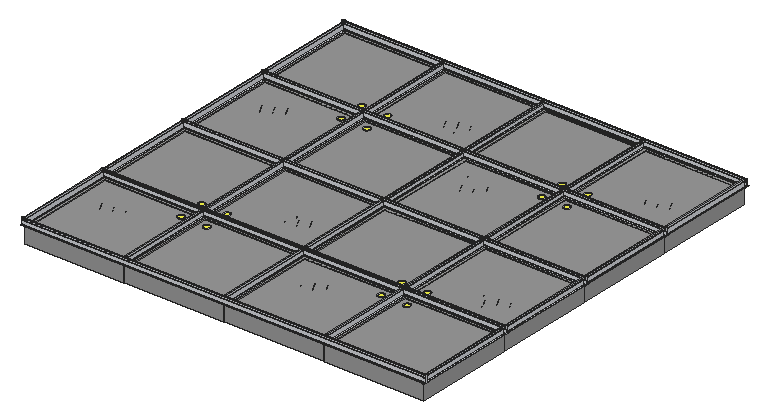
Revit family "GRD-FPG-019_FOLDED PLUG GRID_RFA", category Modelos genéricos, Revit 2022 (continued)
Definition of nested family "GRD-TLE-021_TILE 001_RFA"
  Forms (in)
    Extrusion 276, solid, not visible
      sketch origin (96.02767, 154.90856, 0) x (1, 0, 0) y (0, 0, 1)
        loop
          arc (0.49998, 0.6318) -> (0.47046, 0.64403) -> (0.45824, 0.67354) r 0.04174
          line (0.45824, 0.67354) -> (0.45834, 1.66259)
          arc (0.45834, 1.66259) -> (0.46543, 1.67969) -> (0.48252, 1.68677) r 0.02418
          line (0.48252, 1.68677) -> (0.52252, 1.68677)
          arc (0.52252, 1.68677) -> (0.55303, 1.69941) -> (0.56566, 1.72991) r 0.04314
          line (0.56566, 1.72991) -> (0.56566, 2.14095)
          arc (0.56566, 2.14095) -> (0.5626, 2.15637) -> (0.55386, 2.16944) r 0.04029
          line (0.55386, 2.16944) -> (0.47053, 2.25277)
          arc (0.47053, 2.25277) -> (0.44027, 2.2653) -> (0.41002, 2.25277) r 0.04279
          line (0.41002, 2.25277) -> (0.32669, 2.16944)
          arc (0.32669, 2.16944) -> (0.31795, 2.15637) -> (0.31489, 2.14095) r 0.04029
          line (0.31489, 2.14095) -> (0.31489, 1.72991)
          arc (0.31489, 1.72991) -> (0.32752, 1.69941) -> (0.35803, 1.68677) r 0.04314
          line (0.35803, 1.68677) -> (0.39803, 1.68677)
          arc (0.39803, 1.68677) -> (0.41512, 1.67969) -> (0.42221, 1.66259) r 0.02418
        loop
          arc (0.33294, 1.7291) -> (0.34005, 1.71194) -> (0.35722, 1.70483) r 0.02428
          line (0.35722, 1.70483) -> (0.39815, 1.70483)
          arc (0.39815, 1.70483) -> (0.42797, 1.69248) -> (0.44023, 1.66266) r 0.04217
          arc (0.44023, 1.66266) -> (0.45258, 1.69248) -> (0.4824, 1.70483) r 0.04217
          line (0.4824, 1.70483) -> (0.52333, 1.70483)
          arc (0.52333, 1.70483) -> (0.54049, 1.71194) -> (0.54761, 1.7291) r 0.02428
          line (0.54761, 1.7291) -> (0.54761, 2.15016) -> (0.45704, 2.24072)
          arc (0.45704, 2.24072) -> (0.44027, 2.24767) -> (0.42351, 2.24072) r 0.02371
          line (0.42351, 2.24072) -> (0.33294, 2.15016) -> (0.33294, 1.7291)
      from 58.93614 to 81.99864
    Extrusion 277, solid, not visible
      sketch origin (24.02767, 154.90856, 0) x (1, 0, 0) y (0, 0, 1)
        loop
          line (0.42221, 1.66259) -> (0.42231, 0.67354)
          arc (0.42231, 0.67354) -> (0.41009, 0.64403) -> (0.38057, 0.6318) r 0.04174
          line (0.38057, 0.6318) -> (-0.00639, 0.6318) -> (-0.00639, 0.59057) -> (0.8874, 0.59057) -> (0.8874, 0.6318) -> (0.49998, 0.6318)
          arc (0.49998, 0.6318) -> (0.47046, 0.64403) -> (0.45824, 0.67354) r 0.04174
          line (0.45824, 0.67354) -> (0.45834, 1.66259)
          arc (0.45834, 1.66259) -> (0.46543, 1.67969) -> (0.48252, 1.68677) r 0.02418
          line (0.48252, 1.68677) -> (0.52252, 1.68677)
          arc (0.52252, 1.68677) -> (0.55303, 1.69941) -> (0.56566, 1.72991) r 0.04314
          line (0.56566, 1.72991) -> (0.56566, 2.14095)
          arc (0.56566, 2.14095) -> (0.5626, 2.15637) -> (0.55386, 2.16944) r 0.04029
          line (0.55386, 2.16944) -> (0.47053, 2.25277)
          arc (0.47053, 2.25277) -> (0.44027, 2.2653) -> (0.41002, 2.25277) r 0.04279
          line (0.41002, 2.25277) -> (0.32669, 2.16944)
          arc (0.32669, 2.16944) -> (0.31795, 2.15637) -> (0.31489, 2.14095) r 0.04029
          line (0.31489, 2.14095) -> (0.31489, 1.72991)
          arc (0.31489, 1.72991) -> (0.32752, 1.69941) -> (0.35803, 1.68677) r 0.04314
          line (0.35803, 1.68677) -> (0.39803, 1.68677)
          arc (0.39803, 1.68677) -> (0.41512, 1.67969) -> (0.42221, 1.66259) r 0.02418
        loop
          arc (0.33294, 1.7291) -> (0.34005, 1.71194) -> (0.35722, 1.70483) r 0.02428
          line (0.35722, 1.70483) -> (0.39815, 1.70483)
          arc (0.39815, 1.70483) -> (0.42797, 1.69248) -> (0.44023, 1.66266) r 0.04217
          arc (0.44023, 1.66266) -> (0.45258, 1.69248) -> (0.4824, 1.70483) r 0.04217
          line (0.4824, 1.70483) -> (0.52333, 1.70483)
          arc (0.52333, 1.70483) -> (0.54049, 1.71194) -> (0.54761, 1.7291) r 0.02428
          line (0.54761, 1.7291) -> (0.54761, 2.15016) -> (0.45704, 2.24072)
          arc (0.45704, 2.24072) -> (0.44027, 2.24767) -> (0.42351, 2.24072) r 0.02371
          line (0.42351, 2.24072) -> (0.33294, 2.15016) -> (0.33294, 1.7291)
      from 58.93614 to 81.99864
    Extrusion 278, solid, not visible
      sketch origin (0.02767, 154.90856, 0) x (1, 0, 0) y (0, 0, 1)
        loop
          line (0.42221, 1.66259) -> (0.42231, 0.67354)
          arc (0.42231, 0.67354) -> (0.41009, 0.64403) -> (0.38057, 0.6318) r 0.04174
          line (0.38057, 0.6318) -> (-0.00639, 0.6318) -> (-0.00639, 0.59057) -> (0.8874, 0.59057) -> (0.8874, 0.6318) -> (0.49998, 0.6318)
          arc (0.49998, 0.6318) -> (0.47046, 0.64403) -> (0.45824, 0.67354) r 0.04174
          line (0.45824, 0.67354) -> (0.45834, 1.66259)
          arc (0.45834, 1.66259) -> (0.46543, 1.67969) -> (0.48252, 1.68677) r 0.02418
          line (0.48252, 1.68677) -> (0.52252, 1.68677)
          arc (0.52252, 1.68677) -> (0.55303, 1.69941) -> (0.56566, 1.72991) r 0.04314
          line (0.56566, 1.72991) -> (0.56566, 2.14095)
          arc (0.56566, 2.14095) -> (0.5626, 2.15637) -> (0.55386, 2.16944) r 0.04029
          line (0.55386, 2.16944) -> (0.47053, 2.25277)
          arc (0.47053, 2.25277) -> (0.44027, 2.2653) -> (0.41002, 2.25277) r 0.04279
          line (0.41002, 2.25277) -> (0.32669, 2.16944)
          arc (0.32669, 2.16944) -> (0.31795, 2.15637) -> (0.31489, 2.14095) r 0.04029
          line (0.31489, 2.14095) -> (0.31489, 1.72991)
          arc (0.31489, 1.72991) -> (0.32752, 1.69941) -> (0.35803, 1.68677) r 0.04314
          line (0.35803, 1.68677) -> (0.39803, 1.68677)
          arc (0.39803, 1.68677) -> (0.41512, 1.67969) -> (0.42221, 1.66259) r 0.02418
        loop
          arc (0.33294, 1.7291) -> (0.34005, 1.71194) -> (0.35722, 1.70483) r 0.02428
          line (0.35722, 1.70483) -> (0.39815, 1.70483)
          arc (0.39815, 1.70483) -> (0.42797, 1.69248) -> (0.44023, 1.66266) r 0.04217
          arc (0.44023, 1.66266) -> (0.45258, 1.69248) -> (0.4824, 1.70483) r 0.04217
          line (0.4824, 1.70483) -> (0.52333, 1.70483)
          arc (0.52333, 1.70483) -> (0.54049, 1.71194) -> (0.54761, 1.7291) r 0.02428
          line (0.54761, 1.7291) -> (0.54761, 2.15016) -> (0.45704, 2.24072)
          arc (0.45704, 2.24072) -> (0.44027, 2.24767) -> (0.42351, 2.24072) r 0.02371
          line (0.42351, 2.24072) -> (0.33294, 2.15016) -> (0.33294, 1.7291)
      from 58.93614 to 81.99864
    Extrusion 279, solid, not visible
      sketch origin (48.02754, 130.90855, 0) x (1, 0, 0) y (0, 0, 1)
        loop
          line (0.42221, 1.66259) -> (0.42231, 0.67354)
          arc (0.42231, 0.67354) -> (0.41009, 0.64403) -> (0.38057, 0.6318) r 0.04174
          line (0.38057, 0.6318) -> (-0.00639, 0.6318) -> (-0.00639, 0.59057) -> (0.8874, 0.59057) -> (0.8874, 0.6318) -> (0.49998, 0.6318)
          arc (0.49998, 0.6318) -> (0.47046, 0.64403) -> (0.45824, 0.67354) r 0.04174
          line (0.45824, 0.67354) -> (0.45834, 1.66259)
          arc (0.45834, 1.66259) -> (0.46543, 1.67969) -> (0.48252, 1.68677) r 0.02418
          line (0.48252, 1.68677) -> (0.52252, 1.68677)
          arc (0.52252, 1.68677) -> (0.55303, 1.69941) -> (0.56566, 1.72991) r 0.04314
          line (0.56566, 1.72991) -> (0.56566, 2.14095)
          arc (0.56566, 2.14095) -> (0.5626, 2.15637) -> (0.55386, 2.16944) r 0.04029
          line (0.55386, 2.16944) -> (0.47053, 2.25277)
          arc (0.47053, 2.25277) -> (0.44027, 2.2653) -> (0.41002, 2.25277) r 0.04279
          line (0.41002, 2.25277) -> (0.32669, 2.16944)
          arc (0.32669, 2.16944) -> (0.31795, 2.15637) -> (0.31489, 2.14095) r 0.04029
          line (0.31489, 2.14095) -> (0.31489, 1.72991)
          arc (0.31489, 1.72991) -> (0.32752, 1.69941) -> (0.35803, 1.68677) r 0.04314
          line (0.35803, 1.68677) -> (0.39803, 1.68677)
          arc (0.39803, 1.68677) -> (0.41512, 1.67969) -> (0.42221, 1.66259) r 0.02418
        loop
          arc (0.33294, 1.7291) -> (0.34005, 1.71194) -> (0.35722, 1.70483) r 0.02428
          line (0.35722, 1.70483) -> (0.39815, 1.70483)
          arc (0.39815, 1.70483) -> (0.42797, 1.69248) -> (0.44023, 1.66266) r 0.04217
          arc (0.44023, 1.66266) -> (0.45258, 1.69248) -> (0.4824, 1.70483) r 0.04217
          line (0.4824, 1.70483) -> (0.52333, 1.70483)
          arc (0.52333, 1.70483) -> (0.54049, 1.71194) -> (0.54761, 1.7291) r 0.02428
          line (0.54761, 1.7291) -> (0.54761, 2.15016) -> (0.45704, 2.24072)
          arc (0.45704, 2.24072) -> (0.44027, 2.24767) -> (0.42351, 2.24072) r 0.02371
          line (0.42351, 2.24072) -> (0.33294, 2.15016) -> (0.33294, 1.7291)
      from 58.93614 to 81.99864
    Extrusion 280, solid, not visible
      sketch origin (72.02767, 130.90855, 0) x (1, 0, 0) y (0, 0, 1)
        loop
          line (0.42221, 1.66259) -> (0.42231, 0.67354)
          arc (0.42231, 0.67354) -> (0.41009, 0.64403) -> (0.38057, 0.6318) r 0.04174
          line (0.38057, 0.6318) -> (-0.00639, 0.6318) -> (-0.00639, 0.59057) -> (0.8874, 0.59057) -> (0.8874, 0.6318) -> (0.49998, 0.6318)
          arc (0.49998, 0.6318) -> (0.47046, 0.64403) -> (0.45824, 0.67354) r 0.04174
          line (0.45824, 0.67354) -> (0.45834, 1.66259)
          arc (0.45834, 1.66259) -> (0.46543, 1.67969) -> (0.48252, 1.68677) r 0.02418
          line (0.48252, 1.68677) -> (0.52252, 1.68677)
          arc (0.52252, 1.68677) -> (0.55303, 1.69941) -> (0.56566, 1.72991) r 0.04314
          line (0.56566, 1.72991) -> (0.56566, 2.14095)
          arc (0.56566, 2.14095) -> (0.5626, 2.15637) -> (0.55386, 2.16944) r 0.04029
          line (0.55386, 2.16944) -> (0.47053, 2.25277)
          arc (0.47053, 2.25277) -> (0.44027, 2.2653) -> (0.41002, 2.25277) r 0.04279
          line (0.41002, 2.25277) -> (0.32669, 2.16944)
          arc (0.32669, 2.16944) -> (0.31795, 2.15637) -> (0.31489, 2.14095) r 0.04029
          line (0.31489, 2.14095) -> (0.31489, 1.72991)
          arc (0.31489, 1.72991) -> (0.32752, 1.69941) -> (0.35803, 1.68677) r 0.04314
          line (0.35803, 1.68677) -> (0.39803, 1.68677)
          arc (0.39803, 1.68677) -> (0.41512, 1.67969) -> (0.42221, 1.66259) r 0.02418
        loop
          arc (0.33294, 1.7291) -> (0.34005, 1.71194) -> (0.35722, 1.70483) r 0.02428
          line (0.35722, 1.70483) -> (0.39815, 1.70483)
          arc (0.39815, 1.70483) -> (0.42797, 1.69248) -> (0.44023, 1.66266) r 0.04217
          arc (0.44023, 1.66266) -> (0.45258, 1.69248) -> (0.4824, 1.70483) r 0.04217
          line (0.4824, 1.70483) -> (0.52333, 1.70483)
          arc (0.52333, 1.70483) -> (0.54049, 1.71194) -> (0.54761, 1.7291) r 0.02428
          line (0.54761, 1.7291) -> (0.54761, 2.15016) -> (0.45704, 2.24072)
          arc (0.45704, 2.24072) -> (0.44027, 2.24767) -> (0.42351, 2.24072) r 0.02371
          line (0.42351, 2.24072) -> (0.33294, 2.15016) -> (0.33294, 1.7291)
      from 58.93614 to 81.99864
    Extrusion 281, solid, not visible
      sketch origin (96.02767, 130.90855, 0) x (1, 0, 0) y (0, 0, 1)
        loop
          line (0.42221, 1.66259) -> (0.42231, 0.67354)
          arc (0.42231, 0.67354) -> (0.41009, 0.64403) -> (0.38057, 0.6318) r 0.04174
          line (0.38057, 0.6318) -> (-0.00639, 0.6318) -> (-0.00639, 0.59057) -> (0.8874, 0.59057) -> (0.8874, 0.6318) -> (0.49998, 0.6318)
          arc (0.49998, 0.6318) -> (0.47046, 0.64403) -> (0.45824, 0.67354) r 0.04174
          line (0.45824, 0.67354) -> (0.45834, 1.66259)
          arc (0.45834, 1.66259) -> (0.46543, 1.67969) -> (0.48252, 1.68677) r 0.02418
          line (0.48252, 1.68677) -> (0.52252, 1.68677)
          arc (0.52252, 1.68677) -> (0.55303, 1.69941) -> (0.56566, 1.72991) r 0.04314
          line (0.56566, 1.72991) -> (0.56566, 2.14095)
          arc (0.56566, 2.14095) -> (0.5626, 2.15637) -> (0.55386, 2.16944) r 0.04029
          line (0.55386, 2.16944) -> (0.47053, 2.25277)
          arc (0.47053, 2.25277) -> (0.44027, 2.2653) -> (0.41002, 2.25277) r 0.04279
          line (0.41002, 2.25277) -> (0.32669, 2.16944)
          arc (0.32669, 2.16944) -> (0.31795, 2.15637) -> (0.31489, 2.14095) r 0.04029
          line (0.31489, 2.14095) -> (0.31489, 1.72991)
          arc (0.31489, 1.72991) -> (0.32752, 1.69941) -> (0.35803, 1.68677) r 0.04314
          line (0.35803, 1.68677) -> (0.39803, 1.68677)
          arc (0.39803, 1.68677) -> (0.41512, 1.67969) -> (0.42221, 1.66259) r 0.02418
        loop
          arc (0.33294, 1.7291) -> (0.34005, 1.71194) -> (0.35722, 1.70483) r 0.02428
          line (0.35722, 1.70483) -> (0.39815, 1.70483)
          arc (0.39815, 1.70483) -> (0.42797, 1.69248) -> (0.44023, 1.66266) r 0.04217
          arc (0.44023, 1.66266) -> (0.45258, 1.69248) -> (0.4824, 1.70483) r 0.04217
          line (0.4824, 1.70483) -> (0.52333, 1.70483)
          arc (0.52333, 1.70483) -> (0.54049, 1.71194) -> (0.54761, 1.7291) r 0.02428
          line (0.54761, 1.7291) -> (0.54761, 2.15016) -> (0.45704, 2.24072)
          arc (0.45704, 2.24072) -> (0.44027, 2.24767) -> (0.42351, 2.24072) r 0.02371
          line (0.42351, 2.24072) -> (0.33294, 2.15016) -> (0.33294, 1.7291)
      from 58.93614 to 81.99864
    Extrusion 282, solid, not visible
      sketch origin (24.02767, 130.90855, 0) x (1, 0, 0) y (0, 0, 1)
        loop
          line (0.42221, 1.66259) -> (0.42231, 0.67354)
          arc (0.42231, 0.67354) -> (0.41009, 0.64403) -> (0.38057, 0.6318) r 0.04174
          line (0.38057, 0.6318) -> (-0.00639, 0.6318) -> (-0.00639, 0.59057) -> (0.8874, 0.59057) -> (0.8874, 0.6318) -> (0.49998, 0.6318)
          arc (0.49998, 0.6318) -> (0.47046, 0.64403) -> (0.45824, 0.67354) r 0.04174
          line (0.45824, 0.67354) -> (0.45834, 1.66259)
          arc (0.45834, 1.66259) -> (0.46543, 1.67969) -> (0.48252, 1.68677) r 0.02418
          line (0.48252, 1.68677) -> (0.52252, 1.68677)
          arc (0.52252, 1.68677) -> (0.55303, 1.69941) -> (0.56566, 1.72991) r 0.04314
          line (0.56566, 1.72991) -> (0.56566, 2.14095)
          arc (0.56566, 2.14095) -> (0.5626, 2.15637) -> (0.55386, 2.16944) r 0.04029
          line (0.55386, 2.16944) -> (0.47053, 2.25277)
          arc (0.47053, 2.25277) -> (0.44027, 2.2653) -> (0.41002, 2.25277) r 0.04279
          line (0.41002, 2.25277) -> (0.32669, 2.16944)
          arc (0.32669, 2.16944) -> (0.31795, 2.15637) -> (0.31489, 2.14095) r 0.04029
          line (0.31489, 2.14095) -> (0.31489, 1.72991)
          arc (0.31489, 1.72991) -> (0.32752, 1.69941) -> (0.35803, 1.68677) r 0.04314
          line (0.35803, 1.68677) -> (0.39803, 1.68677)
          arc (0.39803, 1.68677) -> (0.41512, 1.67969) -> (0.42221, 1.66259) r 0.02418
        loop
          arc (0.33294, 1.7291) -> (0.34005, 1.71194) -> (0.35722, 1.70483) r 0.02428
          line (0.35722, 1.70483) -> (0.39815, 1.70483)
          arc (0.39815, 1.70483) -> (0.42797, 1.69248) -> (0.44023, 1.66266) r 0.04217
          arc (0.44023, 1.66266) -> (0.45258, 1.69248) -> (0.4824, 1.70483) r 0.04217
          line (0.4824, 1.70483) -> (0.52333, 1.70483)
          arc (0.52333, 1.70483) -> (0.54049, 1.71194) -> (0.54761, 1.7291) r 0.02428
          line (0.54761, 1.7291) -> (0.54761, 2.15016) -> (0.45704, 2.24072)
          arc (0.45704, 2.24072) -> (0.44027, 2.24767) -> (0.42351, 2.24072) r 0.02371
          line (0.42351, 2.24072) -> (0.33294, 2.15016) -> (0.33294, 1.7291)
      from 58.93614 to 81.99864
    Extrusion 283, solid, not visible
      sketch origin (0.02767, 130.90855, 0) x (1, 0, 0) y (0, 0, 1)
        loop
          line (0.42221, 1.66259) -> (0.42231, 0.67354)
          arc (0.42231, 0.67354) -> (0.41009, 0.64403) -> (0.38057, 0.6318) r 0.04174
          line (0.38057, 0.6318) -> (-0.00639, 0.6318) -> (-0.00639, 0.59057) -> (0.8874, 0.59057) -> (0.8874, 0.6318) -> (0.49998, 0.6318)
          arc (0.49998, 0.6318) -> (0.47046, 0.64403) -> (0.45824, 0.67354) r 0.04174
          line (0.45824, 0.67354) -> (0.45834, 1.66259)
          arc (0.45834, 1.66259) -> (0.46543, 1.67969) -> (0.48252, 1.68677) r 0.02418
          line (0.48252, 1.68677) -> (0.52252, 1.68677)
          arc (0.52252, 1.68677) -> (0.55303, 1.69941) -> (0.56566, 1.72991) r 0.04314
          line (0.56566, 1.72991) -> (0.56566, 2.14095)
          arc (0.56566, 2.14095) -> (0.5626, 2.15637) -> (0.55386, 2.16944) r 0.04029
          line (0.55386, 2.16944) -> (0.47053, 2.25277)
          arc (0.47053, 2.25277) -> (0.44027, 2.2653) -> (0.41002, 2.25277) r 0.04279
          line (0.41002, 2.25277) -> (0.32669, 2.16944)
          arc (0.32669, 2.16944) -> (0.31795, 2.15637) -> (0.31489, 2.14095) r 0.04029
          line (0.31489, 2.14095) -> (0.31489, 1.72991)
          arc (0.31489, 1.72991) -> (0.32752, 1.69941) -> (0.35803, 1.68677) r 0.04314
          line (0.35803, 1.68677) -> (0.39803, 1.68677)
          arc (0.39803, 1.68677) -> (0.41512, 1.67969) -> (0.42221, 1.66259) r 0.02418
        loop
          arc (0.33294, 1.7291) -> (0.34005, 1.71194) -> (0.35722, 1.70483) r 0.02428
          line (0.35722, 1.70483) -> (0.39815, 1.70483)
          arc (0.39815, 1.70483) -> (0.42797, 1.69248) -> (0.44023, 1.66266) r 0.04217
          arc (0.44023, 1.66266) -> (0.45258, 1.69248) -> (0.4824, 1.70483) r 0.04217
          line (0.4824, 1.70483) -> (0.52333, 1.70483)
          arc (0.52333, 1.70483) -> (0.54049, 1.71194) -> (0.54761, 1.7291) r 0.02428
          line (0.54761, 1.7291) -> (0.54761, 2.15016) -> (0.45704, 2.24072)
          arc (0.45704, 2.24072) -> (0.44027, 2.24767) -> (0.42351, 2.24072) r 0.02371
          line (0.42351, 2.24072) -> (0.33294, 2.15016) -> (0.33294, 1.7291)
      from 58.93614 to 81.99864
    Extrusion 284, solid, not visible
      sketch origin (48.02754, 106.90856, 0) x (1, 0, 0) y (0, 0, 1)
        loop
          line (0.42221, 1.66259) -> (0.42231, 0.67354)
          arc (0.42231, 0.67354) -> (0.41009, 0.64403) -> (0.38057, 0.6318) r 0.04174
          line (0.38057, 0.6318) -> (-0.00639, 0.6318) -> (-0.00639, 0.59057) -> (0.8874, 0.59057) -> (0.8874, 0.6318) -> (0.49998, 0.6318)
          arc (0.49998, 0.6318) -> (0.47046, 0.64403) -> (0.45824, 0.67354) r 0.04174
          line (0.45824, 0.67354) -> (0.45834, 1.66259)
          arc (0.45834, 1.66259) -> (0.46543, 1.67969) -> (0.48252, 1.68677) r 0.02418
          line (0.48252, 1.68677) -> (0.52252, 1.68677)
          arc (0.52252, 1.68677) -> (0.55303, 1.69941) -> (0.56566, 1.72991) r 0.04314
          line (0.56566, 1.72991) -> (0.56566, 2.14095)
          arc (0.56566, 2.14095) -> (0.5626, 2.15637) -> (0.55386, 2.16944) r 0.04029
          line (0.55386, 2.16944) -> (0.47053, 2.25277)
          arc (0.47053, 2.25277) -> (0.44027, 2.2653) -> (0.41002, 2.25277) r 0.04279
          line (0.41002, 2.25277) -> (0.32669, 2.16944)
          arc (0.32669, 2.16944) -> (0.31795, 2.15637) -> (0.31489, 2.14095) r 0.04029
          line (0.31489, 2.14095) -> (0.31489, 1.72991)
          arc (0.31489, 1.72991) -> (0.32752, 1.69941) -> (0.35803, 1.68677) r 0.04314
          line (0.35803, 1.68677) -> (0.39803, 1.68677)
          arc (0.39803, 1.68677) -> (0.41512, 1.67969) -> (0.42221, 1.66259) r 0.02418
        loop
          arc (0.33294, 1.7291) -> (0.34005, 1.71194) -> (0.35722, 1.70483) r 0.02428
          line (0.35722, 1.70483) -> (0.39815, 1.70483)
          arc (0.39815, 1.70483) -> (0.42797, 1.69248) -> (0.44023, 1.66266) r 0.04217
          arc (0.44023, 1.66266) -> (0.45258, 1.69248) -> (0.4824, 1.70483) r 0.04217
          line (0.4824, 1.70483) -> (0.52333, 1.70483)
          arc (0.52333, 1.70483) -> (0.54049, 1.71194) -> (0.54761, 1.7291) r 0.02428
          line (0.54761, 1.7291) -> (0.54761, 2.15016) -> (0.45704, 2.24072)
          arc (0.45704, 2.24072) -> (0.44027, 2.24767) -> (0.42351, 2.24072) r 0.02371
          line (0.42351, 2.24072) -> (0.33294, 2.15016) -> (0.33294, 1.7291)
      from 58.93614 to 81.99864
    Extrusion 285, solid, not visible
      sketch origin (72.02767, 106.90856, 0) x (1, 0, 0) y (0, 0, 1)
        loop
          line (0.42221, 1.66259) -> (0.42231, 0.67354)
          arc (0.42231, 0.67354) -> (0.41009, 0.64403) -> (0.38057, 0.6318) r 0.04174
          line (0.38057, 0.6318) -> (-0.00639, 0.6318) -> (-0.00639, 0.59057) -> (0.8874, 0.59057) -> (0.8874, 0.6318) -> (0.49998, 0.6318)
          arc (0.49998, 0.6318) -> (0.47046, 0.64403) -> (0.45824, 0.67354) r 0.04174
          line (0.45824, 0.67354) -> (0.45834, 1.66259)
          arc (0.45834, 1.66259) -> (0.46543, 1.67969) -> (0.48252, 1.68677) r 0.02418
          line (0.48252, 1.68677) -> (0.52252, 1.68677)
          arc (0.52252, 1.68677) -> (0.55303, 1.69941) -> (0.56566, 1.72991) r 0.04314
          line (0.56566, 1.72991) -> (0.56566, 2.14095)
          arc (0.56566, 2.14095) -> (0.5626, 2.15637) -> (0.55386, 2.16944) r 0.04029
          line (0.55386, 2.16944) -> (0.47053, 2.25277)
          arc (0.47053, 2.25277) -> (0.44027, 2.2653) -> (0.41002, 2.25277) r 0.04279
          line (0.41002, 2.25277) -> (0.32669, 2.16944)
          arc (0.32669, 2.16944) -> (0.31795, 2.15637) -> (0.31489, 2.14095) r 0.04029
          line (0.31489, 2.14095) -> (0.31489, 1.72991)
          arc (0.31489, 1.72991) -> (0.32752, 1.69941) -> (0.35803, 1.68677) r 0.04314
          line (0.35803, 1.68677) -> (0.39803, 1.68677)
          arc (0.39803, 1.68677) -> (0.41512, 1.67969) -> (0.42221, 1.66259) r 0.02418
        loop
          arc (0.33294, 1.7291) -> (0.34005, 1.71194) -> (0.35722, 1.70483) r 0.02428
          line (0.35722, 1.70483) -> (0.39815, 1.70483)
          arc (0.39815, 1.70483) -> (0.42797, 1.69248) -> (0.44023, 1.66266) r 0.04217
          arc (0.44023, 1.66266) -> (0.45258, 1.69248) -> (0.4824, 1.70483) r 0.04217
          line (0.4824, 1.70483) -> (0.52333, 1.70483)
          arc (0.52333, 1.70483) -> (0.54049, 1.71194) -> (0.54761, 1.7291) r 0.02428
          line (0.54761, 1.7291) -> (0.54761, 2.15016) -> (0.45704, 2.24072)
          arc (0.45704, 2.24072) -> (0.44027, 2.24767) -> (0.42351, 2.24072) r 0.02371
          line (0.42351, 2.24072) -> (0.33294, 2.15016) -> (0.33294, 1.7291)
      from 58.93614 to 81.99864
    Extrusion 286, solid, not visible
      sketch origin (96.02767, 106.90856, 0) x (1, 0, 0) y (0, 0, 1)
        loop
          line (0.42221, 1.66259) -> (0.42231, 0.67354)
          arc (0.42231, 0.67354) -> (0.41009, 0.64403) -> (0.38057, 0.6318) r 0.04174
          line (0.38057, 0.6318) -> (-0.00639, 0.6318) -> (-0.00639, 0.59057) -> (0.8874, 0.59057) -> (0.8874, 0.6318) -> (0.49998, 0.6318)
          arc (0.49998, 0.6318) -> (0.47046, 0.64403) -> (0.45824, 0.67354) r 0.04174
          line (0.45824, 0.67354) -> (0.45834, 1.66259)
          arc (0.45834, 1.66259) -> (0.46543, 1.67969) -> (0.48252, 1.68677) r 0.02418
          line (0.48252, 1.68677) -> (0.52252, 1.68677)
          arc (0.52252, 1.68677) -> (0.55303, 1.69941) -> (0.56566, 1.72991) r 0.04314
          line (0.56566, 1.72991) -> (0.56566, 2.14095)
          arc (0.56566, 2.14095) -> (0.5626, 2.15637) -> (0.55386, 2.16944) r 0.04029
          line (0.55386, 2.16944) -> (0.47053, 2.25277)
          arc (0.47053, 2.25277) -> (0.44027, 2.2653) -> (0.41002, 2.25277) r 0.04279
          line (0.41002, 2.25277) -> (0.32669, 2.16944)
          arc (0.32669, 2.16944) -> (0.31795, 2.15637) -> (0.31489, 2.14095) r 0.04029
          line (0.31489, 2.14095) -> (0.31489, 1.72991)
          arc (0.31489, 1.72991) -> (0.32752, 1.69941) -> (0.35803, 1.68677) r 0.04314
          line (0.35803, 1.68677) -> (0.39803, 1.68677)
          arc (0.39803, 1.68677) -> (0.41512, 1.67969) -> (0.42221, 1.66259) r 0.02418
        loop
          arc (0.33294, 1.7291) -> (0.34005, 1.71194) -> (0.35722, 1.70483) r 0.02428
          line (0.35722, 1.70483) -> (0.39815, 1.70483)
          arc (0.39815, 1.70483) -> (0.42797, 1.69248) -> (0.44023, 1.66266) r 0.04217
          arc (0.44023, 1.66266) -> (0.45258, 1.69248) -> (0.4824, 1.70483) r 0.04217
          line (0.4824, 1.70483) -> (0.52333, 1.70483)
          arc (0.52333, 1.70483) -> (0.54049, 1.71194) -> (0.54761, 1.7291) r 0.02428
          line (0.54761, 1.7291) -> (0.54761, 2.15016) -> (0.45704, 2.24072)
          arc (0.45704, 2.24072) -> (0.44027, 2.24767) -> (0.42351, 2.24072) r 0.02371
          line (0.42351, 2.24072) -> (0.33294, 2.15016) -> (0.33294, 1.7291)
      from 58.93614 to 81.99864
    Extrusion 287, solid, not visible
      sketch origin (24.02767, 106.90856, 0) x (1, 0, 0) y (0, 0, 1)
        loop
          line (0.42221, 1.66259) -> (0.42231, 0.67354)
          arc (0.42231, 0.67354) -> (0.41009, 0.64403) -> (0.38057, 0.6318) r 0.04174
          line (0.38057, 0.6318) -> (-0.00639, 0.6318) -> (-0.00639, 0.59057) -> (0.8874, 0.59057) -> (0.8874, 0.6318) -> (0.49998, 0.6318)
          arc (0.49998, 0.6318) -> (0.47046, 0.64403) -> (0.45824, 0.67354) r 0.04174
          line (0.45824, 0.67354) -> (0.45834, 1.66259)
          arc (0.45834, 1.66259) -> (0.46543, 1.67969) -> (0.48252, 1.68677) r 0.02418
          line (0.48252, 1.68677) -> (0.52252, 1.68677)
          arc (0.52252, 1.68677) -> (0.55303, 1.69941) -> (0.56566, 1.72991) r 0.04314
          line (0.56566, 1.72991) -> (0.56566, 2.14095)
          arc (0.56566, 2.14095) -> (0.5626, 2.15637) -> (0.55386, 2.16944) r 0.04029
          line (0.55386, 2.16944) -> (0.47053, 2.25277)
          arc (0.47053, 2.25277) -> (0.44027, 2.2653) -> (0.41002, 2.25277) r 0.04279
          line (0.41002, 2.25277) -> (0.32669, 2.16944)
          arc (0.32669, 2.16944) -> (0.31795, 2.15637) -> (0.31489, 2.14095) r 0.04029
          line (0.31489, 2.14095) -> (0.31489, 1.72991)
          arc (0.31489, 1.72991) -> (0.32752, 1.69941) -> (0.35803, 1.68677) r 0.04314
          line (0.35803, 1.68677) -> (0.39803, 1.68677)
          arc (0.39803, 1.68677) -> (0.41512, 1.67969) -> (0.42221, 1.66259) r 0.02418
        loop
          arc (0.33294, 1.7291) -> (0.34005, 1.71194) -> (0.35722, 1.70483) r 0.02428
          line (0.35722, 1.70483) -> (0.39815, 1.70483)
          arc (0.39815, 1.70483) -> (0.42797, 1.69248) -> (0.44023, 1.66266) r 0.04217
          arc (0.44023, 1.66266) -> (0.45258, 1.69248) -> (0.4824, 1.70483) r 0.04217
          line (0.4824, 1.70483) -> (0.52333, 1.70483)
          arc (0.52333, 1.70483) -> (0.54049, 1.71194) -> (0.54761, 1.7291) r 0.02428
          line (0.54761, 1.7291) -> (0.54761, 2.15016) -> (0.45704, 2.24072)
          arc (0.45704, 2.24072) -> (0.44027, 2.24767) -> (0.42351, 2.24072) r 0.02371
          line (0.42351, 2.24072) -> (0.33294, 2.15016) -> (0.33294, 1.7291)
      from 58.93614 to 81.99864
    Extrusion 288, solid, not visible
      sketch origin (0.02767, 106.90856, 0) x (1, 0, 0) y (0, 0, 1)
        loop
          line (0.42221, 1.66259) -> (0.42231, 0.67354)
          arc (0.42231, 0.67354) -> (0.41009, 0.64403) -> (0.38057, 0.6318) r 0.04174
          line (0.38057, 0.6318) -> (-0.00639, 0.6318) -> (-0.00639, 0.59057) -> (0.8874, 0.59057) -> (0.8874, 0.6318) -> (0.49998, 0.6318)
          arc (0.49998, 0.6318) -> (0.47046, 0.64403) -> (0.45824, 0.67354) r 0.04174
          line (0.45824, 0.67354) -> (0.45834, 1.66259)
          arc (0.45834, 1.66259) -> (0.46543, 1.67969) -> (0.48252, 1.68677) r 0.02418
          line (0.48252, 1.68677) -> (0.52252, 1.68677)
          arc (0.52252, 1.68677) -> (0.55303, 1.69941) -> (0.56566, 1.72991) r 0.04314
          line (0.56566, 1.72991) -> (0.56566, 2.14095)
          arc (0.56566, 2.14095) -> (0.5626, 2.15637) -> (0.55386, 2.16944) r 0.04029
          line (0.55386, 2.16944) -> (0.47053, 2.25277)
          arc (0.47053, 2.25277) -> (0.44027, 2.2653) -> (0.41002, 2.25277) r 0.04279
          line (0.41002, 2.25277) -> (0.32669, 2.16944)
          arc (0.32669, 2.16944) -> (0.31795, 2.15637) -> (0.31489, 2.14095) r 0.04029
          line (0.31489, 2.14095) -> (0.31489, 1.72991)
          arc (0.31489, 1.72991) -> (0.32752, 1.69941) -> (0.35803, 1.68677) r 0.04314
          line (0.35803, 1.68677) -> (0.39803, 1.68677)
          arc (0.39803, 1.68677) -> (0.41512, 1.67969) -> (0.42221, 1.66259) r 0.02418
        loop
          arc (0.33294, 1.7291) -> (0.34005, 1.71194) -> (0.35722, 1.70483) r 0.02428
          line (0.35722, 1.70483) -> (0.39815, 1.70483)
          arc (0.39815, 1.70483) -> (0.42797, 1.69248) -> (0.44023, 1.66266) r 0.04217
          arc (0.44023, 1.66266) -> (0.45258, 1.69248) -> (0.4824, 1.70483) r 0.04217
          line (0.4824, 1.70483) -> (0.52333, 1.70483)
          arc (0.52333, 1.70483) -> (0.54049, 1.71194) -> (0.54761, 1.7291) r 0.02428
          line (0.54761, 1.7291) -> (0.54761, 2.15016) -> (0.45704, 2.24072)
          arc (0.45704, 2.24072) -> (0.44027, 2.24767) -> (0.42351, 2.24072) r 0.02371
          line (0.42351, 2.24072) -> (0.33294, 2.15016) -> (0.33294, 1.7291)
      from 58.93614 to 81.99864
    Extrusion 289, solid, not visible
      sketch origin (48.02754, 82.90856, 0) x (1, 0, 0) y (0, 0, 1)
        loop
          line (0.42221, 1.66259) -> (0.42231, 0.67354)
          arc (0.42231, 0.67354) -> (0.41009, 0.64403) -> (0.38057, 0.6318) r 0.04174
          line (0.38057, 0.6318) -> (-0.00639, 0.6318) -> (-0.00639, 0.59057) -> (0.8874, 0.59057) -> (0.8874, 0.6318) -> (0.49998, 0.6318)
          arc (0.49998, 0.6318) -> (0.47046, 0.64403) -> (0.45824, 0.67354) r 0.04174
          line (0.45824, 0.67354) -> (0.45834, 1.66259)
          arc (0.45834, 1.66259) -> (0.46543, 1.67969) -> (0.48252, 1.68677) r 0.02418
          line (0.48252, 1.68677) -> (0.52252, 1.68677)
          arc (0.52252, 1.68677) -> (0.55303, 1.69941) -> (0.56566, 1.72991) r 0.04314
          line (0.56566, 1.72991) -> (0.56566, 2.14095)
          arc (0.56566, 2.14095) -> (0.5626, 2.15637) -> (0.55386, 2.16944) r 0.04029
          line (0.55386, 2.16944) -> (0.47053, 2.25277)
          arc (0.47053, 2.25277) -> (0.44027, 2.2653) -> (0.41002, 2.25277) r 0.04279
          line (0.41002, 2.25277) -> (0.32669, 2.16944)
          arc (0.32669, 2.16944) -> (0.31795, 2.15637) -> (0.31489, 2.14095) r 0.04029
          line (0.31489, 2.14095) -> (0.31489, 1.72991)
          arc (0.31489, 1.72991) -> (0.32752, 1.69941) -> (0.35803, 1.68677) r 0.04314
          line (0.35803, 1.68677) -> (0.39803, 1.68677)
          arc (0.39803, 1.68677) -> (0.41512, 1.67969) -> (0.42221, 1.66259) r 0.02418
        loop
          arc (0.33294, 1.7291) -> (0.34005, 1.71194) -> (0.35722, 1.70483) r 0.02428
          line (0.35722, 1.70483) -> (0.39815, 1.70483)
          arc (0.39815, 1.70483) -> (0.42797, 1.69248) -> (0.44023, 1.66266) r 0.04217
          arc (0.44023, 1.66266) -> (0.45258, 1.69248) -> (0.4824, 1.70483) r 0.04217
          line (0.4824, 1.70483) -> (0.52333, 1.70483)
          arc (0.52333, 1.70483) -> (0.54049, 1.71194) -> (0.54761, 1.7291) r 0.02428
          line (0.54761, 1.7291) -> (0.54761, 2.15016) -> (0.45704, 2.24072)
          arc (0.45704, 2.24072) -> (0.44027, 2.24767) -> (0.42351, 2.24072) r 0.02371
          line (0.42351, 2.24072) -> (0.33294, 2.15016) -> (0.33294, 1.7291)
      from 58.93614 to 81.99864
    Extrusion 290, solid, not visible
      sketch origin (72.02767, 82.90856, 0) x (1, 0, 0) y (0, 0, 1)
        loop
          line (0.42221, 1.66259) -> (0.42231, 0.67354)
          arc (0.42231, 0.67354) -> (0.41009, 0.64403) -> (0.38057, 0.6318) r 0.04174
          line (0.38057, 0.6318) -> (-0.00639, 0.6318) -> (-0.00639, 0.59057) -> (0.8874, 0.59057) -> (0.8874, 0.6318) -> (0.49998, 0.6318)
          arc (0.49998, 0.6318) -> (0.47046, 0.64403) -> (0.45824, 0.67354) r 0.04174
          line (0.45824, 0.67354) -> (0.45834, 1.66259)
          arc (0.45834, 1.66259) -> (0.46543, 1.67969) -> (0.48252, 1.68677) r 0.02418
          line (0.48252, 1.68677) -> (0.52252, 1.68677)
          arc (0.52252, 1.68677) -> (0.55303, 1.69941) -> (0.56566, 1.72991) r 0.04314
          line (0.56566, 1.72991) -> (0.56566, 2.14095)
          arc (0.56566, 2.14095) -> (0.5626, 2.15637) -> (0.55386, 2.16944) r 0.04029
          line (0.55386, 2.16944) -> (0.47053, 2.25277)
          arc (0.47053, 2.25277) -> (0.44027, 2.2653) -> (0.41002, 2.25277) r 0.04279
          line (0.41002, 2.25277) -> (0.32669, 2.16944)
          arc (0.32669, 2.16944) -> (0.31795, 2.15637) -> (0.31489, 2.14095) r 0.04029
          line (0.31489, 2.14095) -> (0.31489, 1.72991)
          arc (0.31489, 1.72991) -> (0.32752, 1.69941) -> (0.35803, 1.68677) r 0.04314
          line (0.35803, 1.68677) -> (0.39803, 1.68677)
          arc (0.39803, 1.68677) -> (0.41512, 1.67969) -> (0.42221, 1.66259) r 0.02418
        loop
          arc (0.33294, 1.7291) -> (0.34005, 1.71194) -> (0.35722, 1.70483) r 0.02428
          line (0.35722, 1.70483) -> (0.39815, 1.70483)
          arc (0.39815, 1.70483) -> (0.42797, 1.69248) -> (0.44023, 1.66266) r 0.04217
          arc (0.44023, 1.66266) -> (0.45258, 1.69248) -> (0.4824, 1.70483) r 0.04217
          line (0.4824, 1.70483) -> (0.52333, 1.70483)
          arc (0.52333, 1.70483) -> (0.54049, 1.71194) -> (0.54761, 1.7291) r 0.02428
          line (0.54761, 1.7291) -> (0.54761, 2.15016) -> (0.45704, 2.24072)
          arc (0.45704, 2.24072) -> (0.44027, 2.24767) -> (0.42351, 2.24072) r 0.02371
          line (0.42351, 2.24072) -> (0.33294, 2.15016) -> (0.33294, 1.7291)
      from 58.93614 to 81.99864
    Extrusion 291, solid, not visible
      sketch origin (96.02767, 82.90856, 0) x (1, 0, 0) y (0, 0, 1)
        loop
          line (0.42221, 1.66259) -> (0.42231, 0.67354)
          arc (0.42231, 0.67354) -> (0.41009, 0.64403) -> (0.38057, 0.6318) r 0.04174
          line (0.38057, 0.6318) -> (-0.00639, 0.6318) -> (-0.00639, 0.59057) -> (0.8874, 0.59057) -> (0.8874, 0.6318) -> (0.49998, 0.6318)
          arc (0.49998, 0.6318) -> (0.47046, 0.64403) -> (0.45824, 0.67354) r 0.04174
          line (0.45824, 0.67354) -> (0.45834, 1.66259)
          arc (0.45834, 1.66259) -> (0.46543, 1.67969) -> (0.48252, 1.68677) r 0.02418
          line (0.48252, 1.68677) -> (0.52252, 1.68677)
          arc (0.52252, 1.68677) -> (0.55303, 1.69941) -> (0.56566, 1.72991) r 0.04314
          line (0.56566, 1.72991) -> (0.56566, 2.14095)
          arc (0.56566, 2.14095) -> (0.5626, 2.15637) -> (0.55386, 2.16944) r 0.04029
          line (0.55386, 2.16944) -> (0.47053, 2.25277)
          arc (0.47053, 2.25277) -> (0.44027, 2.2653) -> (0.41002, 2.25277) r 0.04279
          line (0.41002, 2.25277) -> (0.32669, 2.16944)
          arc (0.32669, 2.16944) -> (0.31795, 2.15637) -> (0.31489, 2.14095) r 0.04029
          line (0.31489, 2.14095) -> (0.31489, 1.72991)
          arc (0.31489, 1.72991) -> (0.32752, 1.69941) -> (0.35803, 1.68677) r 0.04314
          line (0.35803, 1.68677) -> (0.39803, 1.68677)
          arc (0.39803, 1.68677) -> (0.41512, 1.67969) -> (0.42221, 1.66259) r 0.02418
        loop
          arc (0.33294, 1.7291) -> (0.34005, 1.71194) -> (0.35722, 1.70483) r 0.02428
          line (0.35722, 1.70483) -> (0.39815, 1.70483)
          arc (0.39815, 1.70483) -> (0.42797, 1.69248) -> (0.44023, 1.66266) r 0.04217
          arc (0.44023, 1.66266) -> (0.45258, 1.69248) -> (0.4824, 1.70483) r 0.04217
          line (0.4824, 1.70483) -> (0.52333, 1.70483)
          arc (0.52333, 1.70483) -> (0.54049, 1.71194) -> (0.54761, 1.7291) r 0.02428
          line (0.54761, 1.7291) -> (0.54761, 2.15016) -> (0.45704, 2.24072)
          arc (0.45704, 2.24072) -> (0.44027, 2.24767) -> (0.42351, 2.24072) r 0.02371
          line (0.42351, 2.24072) -> (0.33294, 2.15016) -> (0.33294, 1.7291)
      from 58.93614 to 81.99864
    Extrusion 292, solid, not visible
      sketch origin (24.02767, 82.90856, 0) x (1, 0, 0) y (0, 0, 1)
        loop
          line (0.42221, 1.66259) -> (0.42231, 0.67354)
          arc (0.42231, 0.67354) -> (0.41009, 0.64403) -> (0.38057, 0.6318) r 0.04174
          line (0.38057, 0.6318) -> (-0.00639, 0.6318) -> (-0.00639, 0.59057) -> (0.8874, 0.59057) -> (0.8874, 0.6318) -> (0.49998, 0.6318)
          arc (0.49998, 0.6318) -> (0.47046, 0.64403) -> (0.45824, 0.67354) r 0.04174
          line (0.45824, 0.67354) -> (0.45834, 1.66259)
          arc (0.45834, 1.66259) -> (0.46543, 1.67969) -> (0.48252, 1.68677) r 0.02418
          line (0.48252, 1.68677) -> (0.52252, 1.68677)
          arc (0.52252, 1.68677) -> (0.55303, 1.69941) -> (0.56566, 1.72991) r 0.04314
          line (0.56566, 1.72991) -> (0.56566, 2.14095)
          arc (0.56566, 2.14095) -> (0.5626, 2.15637) -> (0.55386, 2.16944) r 0.04029
          line (0.55386, 2.16944) -> (0.47053, 2.25277)
          arc (0.47053, 2.25277) -> (0.44027, 2.2653) -> (0.41002, 2.25277) r 0.04279
          line (0.41002, 2.25277) -> (0.32669, 2.16944)
          arc (0.32669, 2.16944) -> (0.31795, 2.15637) -> (0.31489, 2.14095) r 0.04029
          line (0.31489, 2.14095) -> (0.31489, 1.72991)
          arc (0.31489, 1.72991) -> (0.32752, 1.69941) -> (0.35803, 1.68677) r 0.04314
          line (0.35803, 1.68677) -> (0.39803, 1.68677)
          arc (0.39803, 1.68677) -> (0.41512, 1.67969) -> (0.42221, 1.66259) r 0.02418
        loop
          arc (0.33294, 1.7291) -> (0.34005, 1.71194) -> (0.35722, 1.70483) r 0.02428
          line (0.35722, 1.70483) -> (0.39815, 1.70483)
          arc (0.39815, 1.70483) -> (0.42797, 1.69248) -> (0.44023, 1.66266) r 0.04217
          arc (0.44023, 1.66266) -> (0.45258, 1.69248) -> (0.4824, 1.70483) r 0.04217
          line (0.4824, 1.70483) -> (0.52333, 1.70483)
          arc (0.52333, 1.70483) -> (0.54049, 1.71194) -> (0.54761, 1.7291) r 0.02428
          line (0.54761, 1.7291) -> (0.54761, 2.15016) -> (0.45704, 2.24072)
          arc (0.45704, 2.24072) -> (0.44027, 2.24767) -> (0.42351, 2.24072) r 0.02371
          line (0.42351, 2.24072) -> (0.33294, 2.15016) -> (0.33294, 1.7291)
      from 58.93614 to 81.99864
    Extrusion 293, solid, not visible
      sketch origin (0.02767, 82.90856, 0) x (1, 0, 0) y (0, 0, 1)
        loop
          line (0.42221, 1.66259) -> (0.42231, 0.67354)
          arc (0.42231, 0.67354) -> (0.41009, 0.64403) -> (0.38057, 0.6318) r 0.04174
          line (0.38057, 0.6318) -> (-0.00639, 0.6318) -> (-0.00639, 0.59057) -> (0.8874, 0.59057) -> (0.8874, 0.6318) -> (0.49998, 0.6318)
          arc (0.49998, 0.6318) -> (0.47046, 0.64403) -> (0.45824, 0.67354) r 0.04174
          line (0.45824, 0.67354) -> (0.45834, 1.66259)
          arc (0.45834, 1.66259) -> (0.46543, 1.67969) -> (0.48252, 1.68677) r 0.02418
          line (0.48252, 1.68677) -> (0.52252, 1.68677)
          arc (0.52252, 1.68677) -> (0.55303, 1.69941) -> (0.56566, 1.72991) r 0.04314
          line (0.56566, 1.72991) -> (0.56566, 2.14095)
          arc (0.56566, 2.14095) -> (0.5626, 2.15637) -> (0.55386, 2.16944) r 0.04029
          line (0.55386, 2.16944) -> (0.47053, 2.25277)
          arc (0.47053, 2.25277) -> (0.44027, 2.2653) -> (0.41002, 2.25277) r 0.04279
          line (0.41002, 2.25277) -> (0.32669, 2.16944)
          arc (0.32669, 2.16944) -> (0.31795, 2.15637) -> (0.31489, 2.14095) r 0.04029
          line (0.31489, 2.14095) -> (0.31489, 1.72991)
          arc (0.31489, 1.72991) -> (0.32752, 1.69941) -> (0.35803, 1.68677) r 0.04314
          line (0.35803, 1.68677) -> (0.39803, 1.68677)
          arc (0.39803, 1.68677) -> (0.41512, 1.67969) -> (0.42221, 1.66259) r 0.02418
        loop
          arc (0.33294, 1.7291) -> (0.34005, 1.71194) -> (0.35722, 1.70483) r 0.02428
          line (0.35722, 1.70483) -> (0.39815, 1.70483)
          arc (0.39815, 1.70483) -> (0.42797, 1.69248) -> (0.44023, 1.66266) r 0.04217
          arc (0.44023, 1.66266) -> (0.45258, 1.69248) -> (0.4824, 1.70483) r 0.04217
          line (0.4824, 1.70483) -> (0.52333, 1.70483)
          arc (0.52333, 1.70483) -> (0.54049, 1.71194) -> (0.54761, 1.7291) r 0.02428
          line (0.54761, 1.7291) -> (0.54761, 2.15016) -> (0.45704, 2.24072)
          arc (0.45704, 2.24072) -> (0.44027, 2.24767) -> (0.42351, 2.24072) r 0.02371
          line (0.42351, 2.24072) -> (0.33294, 2.15016) -> (0.33294, 1.7291)
      from 58.93614 to 81.99864
    Extrusion 294, solid, not visible
      sketch origin (0, 0, 0) x (0, 1, 0) y (0, 0, 1)
        loop
          line (0.42221, 1.66259) -> (0.42231, 0.67354)
          arc (0.42231, 0.67354) -> (0.41009, 0.64403) -> (0.38057, 0.6318) r 0.04174
          line (0.38057, 0.6318) -> (-0.00639, 0.6318) -> (-0.00639, 0.59057) -> (0.8874, 0.59057) -> (0.8874, 0.6318) -> (0.49998, 0.6318)
          arc (0.49998, 0.6318) -> (0.47046, 0.64403) -> (0.45824, 0.67354) r 0.04174
          line (0.45824, 0.67354) -> (0.45834, 1.66259)
          arc (0.45834, 1.66259) -> (0.46543, 1.67969) -> (0.48252, 1.68677) r 0.02418
          line (0.48252, 1.68677) -> (0.52252, 1.68677)
          arc (0.52252, 1.68677) -> (0.55303, 1.69941) -> (0.56566, 1.72991) r 0.04314
          line (0.56566, 1.72991) -> (0.56566, 2.14095)
          arc (0.56566, 2.14095) -> (0.5626, 2.15637) -> (0.55386, 2.16944) r 0.04029
          line (0.55386, 2.16944) -> (0.47053, 2.25277)
          arc (0.47053, 2.25277) -> (0.44027, 2.2653) -> (0.41002, 2.25277) r 0.04279
          line (0.41002, 2.25277) -> (0.32669, 2.16944)
          arc (0.32669, 2.16944) -> (0.31795, 2.15637) -> (0.31489, 2.14095) r 0.04029
          line (0.31489, 2.14095) -> (0.31489, 1.72991)
          arc (0.31489, 1.72991) -> (0.32752, 1.69941) -> (0.35803, 1.68677) r 0.04314
          line (0.35803, 1.68677) -> (0.39803, 1.68677)
          arc (0.39803, 1.68677) -> (0.41512, 1.67969) -> (0.42221, 1.66259) r 0.02418
        loop
          arc (0.33294, 1.7291) -> (0.34005, 1.71194) -> (0.35722, 1.70483) r 0.02428
          line (0.35722, 1.70483) -> (0.39815, 1.70483)
          arc (0.39815, 1.70483) -> (0.42797, 1.69248) -> (0.44023, 1.66266) r 0.04217
          arc (0.44023, 1.66266) -> (0.45258, 1.69248) -> (0.4824, 1.70483) r 0.04217
          line (0.4824, 1.70483) -> (0.52333, 1.70483)
          arc (0.52333, 1.70483) -> (0.54049, 1.71194) -> (0.54761, 1.7291) r 0.02428
          line (0.54761, 1.7291) -> (0.54761, 2.15016) -> (0.45704, 2.24072)
          arc (0.45704, 2.24072) -> (0.44027, 2.24767) -> (0.42351, 2.24072) r 0.02371
          line (0.42351, 2.24072) -> (0.33294, 2.15016) -> (0.33294, 1.7291)
      from 0 to 96.9361
    Extrusion 295, solid, not visible
      sketch origin (0, 24, 0) x (0, 1, 0) y (0, 0, 1)
        loop
          line (0.42221, 1.66259) -> (0.42231, 0.67354)
          arc (0.42231, 0.67354) -> (0.41009, 0.64403) -> (0.38057, 0.6318) r 0.04174
          line (0.38057, 0.6318) -> (-0.00639, 0.6318) -> (-0.00639, 0.59057) -> (0.8874, 0.59057) -> (0.8874, 0.6318) -> (0.49998, 0.6318)
          arc (0.49998, 0.6318) -> (0.47046, 0.64403) -> (0.45824, 0.67354) r 0.04174
          line (0.45824, 0.67354) -> (0.45834, 1.66259)
          arc (0.45834, 1.66259) -> (0.46543, 1.67969) -> (0.48252, 1.68677) r 0.02418
          line (0.48252, 1.68677) -> (0.52252, 1.68677)
          arc (0.52252, 1.68677) -> (0.55303, 1.69941) -> (0.56566, 1.72991) r 0.04314
          line (0.56566, 1.72991) -> (0.56566, 2.14095)
          arc (0.56566, 2.14095) -> (0.5626, 2.15637) -> (0.55386, 2.16944) r 0.04029
          line (0.55386, 2.16944) -> (0.47053, 2.25277)
          arc (0.47053, 2.25277) -> (0.44027, 2.2653) -> (0.41002, 2.25277) r 0.04279
          line (0.41002, 2.25277) -> (0.32669, 2.16944)
          arc (0.32669, 2.16944) -> (0.31795, 2.15637) -> (0.31489, 2.14095) r 0.04029
          line (0.31489, 2.14095) -> (0.31489, 1.72991)
          arc (0.31489, 1.72991) -> (0.32752, 1.69941) -> (0.35803, 1.68677) r 0.04314
          line (0.35803, 1.68677) -> (0.39803, 1.68677)
          arc (0.39803, 1.68677) -> (0.41512, 1.67969) -> (0.42221, 1.66259) r 0.02418
        loop
          arc (0.33294, 1.7291) -> (0.34005, 1.71194) -> (0.35722, 1.70483) r 0.02428
          line (0.35722, 1.70483) -> (0.39815, 1.70483)
          arc (0.39815, 1.70483) -> (0.42797, 1.69248) -> (0.44023, 1.66266) r 0.04217
          arc (0.44023, 1.66266) -> (0.45258, 1.69248) -> (0.4824, 1.70483) r 0.04217
          line (0.4824, 1.70483) -> (0.52333, 1.70483)
          arc (0.52333, 1.70483) -> (0.54049, 1.71194) -> (0.54761, 1.7291) r 0.02428
          line (0.54761, 1.7291) -> (0.54761, 2.15016) -> (0.45704, 2.24072)
          arc (0.45704, 2.24072) -> (0.44027, 2.24767) -> (0.42351, 2.24072) r 0.02371
          line (0.42351, 2.24072) -> (0.33294, 2.15016) -> (0.33294, 1.7291)
      from 0 to 96.9361
    Extrusion 296, solid, not visible
      sketch origin (0, 48, 0) x (0, 1, 0) y (0, 0, 1)
        loop
          line (0.42221, 1.66259) -> (0.42231, 0.67354)
          arc (0.42231, 0.67354) -> (0.41009, 0.64403) -> (0.38057, 0.6318) r 0.04174
          line (0.38057, 0.6318) -> (-0.00639, 0.6318) -> (-0.00639, 0.59057) -> (0.8874, 0.59057) -> (0.8874, 0.6318) -> (0.49998, 0.6318)
          arc (0.49998, 0.6318) -> (0.47046, 0.64403) -> (0.45824, 0.67354) r 0.04174
          line (0.45824, 0.67354) -> (0.45834, 1.66259)
          arc (0.45834, 1.66259) -> (0.46543, 1.67969) -> (0.48252, 1.68677) r 0.02418
          line (0.48252, 1.68677) -> (0.52252, 1.68677)
          arc (0.52252, 1.68677) -> (0.55303, 1.69941) -> (0.56566, 1.72991) r 0.04314
          line (0.56566, 1.72991) -> (0.56566, 2.14095)
          arc (0.56566, 2.14095) -> (0.5626, 2.15637) -> (0.55386, 2.16944) r 0.04029
          line (0.55386, 2.16944) -> (0.47053, 2.25277)
          arc (0.47053, 2.25277) -> (0.44027, 2.2653) -> (0.41002, 2.25277) r 0.04279
          line (0.41002, 2.25277) -> (0.32669, 2.16944)
          arc (0.32669, 2.16944) -> (0.31795, 2.15637) -> (0.31489, 2.14095) r 0.04029
          line (0.31489, 2.14095) -> (0.31489, 1.72991)
          arc (0.31489, 1.72991) -> (0.32752, 1.69941) -> (0.35803, 1.68677) r 0.04314
          line (0.35803, 1.68677) -> (0.39803, 1.68677)
          arc (0.39803, 1.68677) -> (0.41512, 1.67969) -> (0.42221, 1.66259) r 0.02418
        loop
          arc (0.33294, 1.7291) -> (0.34005, 1.71194) -> (0.35722, 1.70483) r 0.02428
          line (0.35722, 1.70483) -> (0.39815, 1.70483)
          arc (0.39815, 1.70483) -> (0.42797, 1.69248) -> (0.44023, 1.66266) r 0.04217
          arc (0.44023, 1.66266) -> (0.45258, 1.69248) -> (0.4824, 1.70483) r 0.04217
          line (0.4824, 1.70483) -> (0.52333, 1.70483)
          arc (0.52333, 1.70483) -> (0.54049, 1.71194) -> (0.54761, 1.7291) r 0.02428
          line (0.54761, 1.7291) -> (0.54761, 2.15016) -> (0.45704, 2.24072)
          arc (0.45704, 2.24072) -> (0.44027, 2.24767) -> (0.42351, 2.24072) r 0.02371
          line (0.42351, 2.24072) -> (0.33294, 2.15016) -> (0.33294, 1.7291)
      from 0 to 96.9361
    Extrusion 297, solid, not visible
      sketch origin (0, 72, 0) x (0, 1, 0) y (0, 0, 1)
        loop
          line (0.42221, 1.66259) -> (0.42231, 0.67354)
          arc (0.42231, 0.67354) -> (0.41009, 0.64403) -> (0.38057, 0.6318) r 0.04174
          line (0.38057, 0.6318) -> (-0.00639, 0.6318) -> (-0.00639, 0.59057) -> (0.8874, 0.59057) -> (0.8874, 0.6318) -> (0.49998, 0.6318)
          arc (0.49998, 0.6318) -> (0.47046, 0.64403) -> (0.45824, 0.67354) r 0.04174
          line (0.45824, 0.67354) -> (0.45834, 1.66259)
          arc (0.45834, 1.66259) -> (0.46543, 1.67969) -> (0.48252, 1.68677) r 0.02418
          line (0.48252, 1.68677) -> (0.52252, 1.68677)
          arc (0.52252, 1.68677) -> (0.55303, 1.69941) -> (0.56566, 1.72991) r 0.04314
          line (0.56566, 1.72991) -> (0.56566, 2.14095)
          arc (0.56566, 2.14095) -> (0.5626, 2.15637) -> (0.55386, 2.16944) r 0.04029
          line (0.55386, 2.16944) -> (0.47053, 2.25277)
          arc (0.47053, 2.25277) -> (0.44027, 2.2653) -> (0.41002, 2.25277) r 0.04279
          line (0.41002, 2.25277) -> (0.32669, 2.16944)
          arc (0.32669, 2.16944) -> (0.31795, 2.15637) -> (0.31489, 2.14095) r 0.04029
          line (0.31489, 2.14095) -> (0.31489, 1.72991)
          arc (0.31489, 1.72991) -> (0.32752, 1.69941) -> (0.35803, 1.68677) r 0.04314
          line (0.35803, 1.68677) -> (0.39803, 1.68677)
          arc (0.39803, 1.68677) -> (0.41512, 1.67969) -> (0.42221, 1.66259) r 0.02418
        loop
          arc (0.33294, 1.7291) -> (0.34005, 1.71194) -> (0.35722, 1.70483) r 0.02428
          line (0.35722, 1.70483) -> (0.39815, 1.70483)
          arc (0.39815, 1.70483) -> (0.42797, 1.69248) -> (0.44023, 1.66266) r 0.04217
          arc (0.44023, 1.66266) -> (0.45258, 1.69248) -> (0.4824, 1.70483) r 0.04217
          line (0.4824, 1.70483) -> (0.52333, 1.70483)
          arc (0.52333, 1.70483) -> (0.54049, 1.71194) -> (0.54761, 1.7291) r 0.02428
          line (0.54761, 1.7291) -> (0.54761, 2.15016) -> (0.45704, 2.24072)
          arc (0.45704, 2.24072) -> (0.44027, 2.24767) -> (0.42351, 2.24072) r 0.02371
          line (0.42351, 2.24072) -> (0.33294, 2.15016) -> (0.33294, 1.7291)
      from 0 to 96.9361
    Extrusion 298, solid, not visible
      sketch origin (0, 96, 0) x (0, 1, 0) y (0, 0, 1)
        loop
          line (0.42221, 1.66259) -> (0.42231, 0.67354)
          arc (0.42231, 0.67354) -> (0.41009, 0.64403) -> (0.38057, 0.6318) r 0.04174
          line (0.38057, 0.6318) -> (-0.00639, 0.6318) -> (-0.00639, 0.59057) -> (0.8874, 0.59057) -> (0.8874, 0.6318) -> (0.49998, 0.6318)
          arc (0.49998, 0.6318) -> (0.47046, 0.64403) -> (0.45824, 0.67354) r 0.04174
          line (0.45824, 0.67354) -> (0.45834, 1.66259)
          arc (0.45834, 1.66259) -> (0.46543, 1.67969) -> (0.48252, 1.68677) r 0.02418
          line (0.48252, 1.68677) -> (0.52252, 1.68677)
          arc (0.52252, 1.68677) -> (0.55303, 1.69941) -> (0.56566, 1.72991) r 0.04314
          line (0.56566, 1.72991) -> (0.56566, 2.14095)
          arc (0.56566, 2.14095) -> (0.5626, 2.15637) -> (0.55386, 2.16944) r 0.04029
          line (0.55386, 2.16944) -> (0.47053, 2.25277)
          arc (0.47053, 2.25277) -> (0.44027, 2.2653) -> (0.41002, 2.25277) r 0.04279
          line (0.41002, 2.25277) -> (0.32669, 2.16944)
          arc (0.32669, 2.16944) -> (0.31795, 2.15637) -> (0.31489, 2.14095) r 0.04029
          line (0.31489, 2.14095) -> (0.31489, 1.72991)
          arc (0.31489, 1.72991) -> (0.32752, 1.69941) -> (0.35803, 1.68677) r 0.04314
          line (0.35803, 1.68677) -> (0.39803, 1.68677)
          arc (0.39803, 1.68677) -> (0.41512, 1.67969) -> (0.42221, 1.66259) r 0.02418
        loop
          arc (0.33294, 1.7291) -> (0.34005, 1.71194) -> (0.35722, 1.70483) r 0.02428
          line (0.35722, 1.70483) -> (0.39815, 1.70483)
          arc (0.39815, 1.70483) -> (0.42797, 1.69248) -> (0.44023, 1.66266) r 0.04217
          arc (0.44023, 1.66266) -> (0.45258, 1.69248) -> (0.4824, 1.70483) r 0.04217
          line (0.4824, 1.70483) -> (0.52333, 1.70483)
          arc (0.52333, 1.70483) -> (0.54049, 1.71194) -> (0.54761, 1.7291) r 0.02428
          line (0.54761, 1.7291) -> (0.54761, 2.15016) -> (0.45704, 2.24072)
          arc (0.45704, 2.24072) -> (0.44027, 2.24767) -> (0.42351, 2.24072) r 0.02371
          line (0.42351, 2.24072) -> (0.33294, 2.15016) -> (0.33294, 1.7291)
      from 0 to 96.9361
    Extrusion 299, solid, not visible
      sketch origin (48.02754, 154.90856, 0) x (1, 0, 0) y (0, 0, 1)
        loop
          line (0.42221, 1.66259) -> (0.42231, 0.67354)
          arc (0.42231, 0.67354) -> (0.41009, 0.64403) -> (0.38057, 0.6318) r 0.04174
          line (0.38057, 0.6318) -> (-0.00639, 0.6318) -> (-0.00639, 0.59057) -> (0.8874, 0.59057) -> (0.8874, 0.6318) -> (0.49998, 0.6318)
          arc (0.49998, 0.6318) -> (0.47046, 0.64403) -> (0.45824, 0.67354) r 0.04174
          line (0.45824, 0.67354) -> (0.45834, 1.66259)
          arc (0.45834, 1.66259) -> (0.46543, 1.67969) -> (0.48252, 1.68677) r 0.02418
          line (0.48252, 1.68677) -> (0.52252, 1.68677)
          arc (0.52252, 1.68677) -> (0.55303, 1.69941) -> (0.56566, 1.72991) r 0.04314
          line (0.56566, 1.72991) -> (0.56566, 2.14095)
          arc (0.56566, 2.14095) -> (0.5626, 2.15637) -> (0.55386, 2.16944) r 0.04029
          line (0.55386, 2.16944) -> (0.47053, 2.25277)
          arc (0.47053, 2.25277) -> (0.44027, 2.2653) -> (0.41002, 2.25277) r 0.04279
          line (0.41002, 2.25277) -> (0.32669, 2.16944)
          arc (0.32669, 2.16944) -> (0.31795, 2.15637) -> (0.31489, 2.14095) r 0.04029
          line (0.31489, 2.14095) -> (0.31489, 1.72991)
          arc (0.31489, 1.72991) -> (0.32752, 1.69941) -> (0.35803, 1.68677) r 0.04314
          line (0.35803, 1.68677) -> (0.39803, 1.68677)
          arc (0.39803, 1.68677) -> (0.41512, 1.67969) -> (0.42221, 1.66259) r 0.02418
        loop
          arc (0.33294, 1.7291) -> (0.34005, 1.71194) -> (0.35722, 1.70483) r 0.02428
          line (0.35722, 1.70483) -> (0.39815, 1.70483)
          arc (0.39815, 1.70483) -> (0.42797, 1.69248) -> (0.44023, 1.66266) r 0.04217
          arc (0.44023, 1.66266) -> (0.45258, 1.69248) -> (0.4824, 1.70483) r 0.04217
          line (0.4824, 1.70483) -> (0.52333, 1.70483)
          arc (0.52333, 1.70483) -> (0.54049, 1.71194) -> (0.54761, 1.7291) r 0.02428
          line (0.54761, 1.7291) -> (0.54761, 2.15016) -> (0.45704, 2.24072)
          arc (0.45704, 2.24072) -> (0.44027, 2.24767) -> (0.42351, 2.24072) r 0.02371
          line (0.42351, 2.24072) -> (0.33294, 2.15016) -> (0.33294, 1.7291)
      from 58.93614 to 81.99864
    Extrusion 300, solid, not visible
      sketch origin (72.02767, 154.90856, 0) x (1, 0, 0) y (0, 0, 1)
        loop
          line (0.42221, 1.66259) -> (0.42231, 0.67354)
          arc (0.42231, 0.67354) -> (0.41009, 0.64403) -> (0.38057, 0.6318) r 0.04174
          line (0.38057, 0.6318) -> (-0.00639, 0.6318) -> (-0.00639, 0.59057) -> (0.8874, 0.59057) -> (0.8874, 0.6318) -> (0.49998, 0.6318)
          arc (0.49998, 0.6318) -> (0.47046, 0.64403) -> (0.45824, 0.67354) r 0.04174
          line (0.45824, 0.67354) -> (0.45834, 1.66259)
          arc (0.45834, 1.66259) -> (0.46543, 1.67969) -> (0.48252, 1.68677) r 0.02418
          line (0.48252, 1.68677) -> (0.52252, 1.68677)
          arc (0.52252, 1.68677) -> (0.55303, 1.69941) -> (0.56566, 1.72991) r 0.04314
          line (0.56566, 1.72991) -> (0.56566, 2.14095)
          arc (0.56566, 2.14095) -> (0.5626, 2.15637) -> (0.55386, 2.16944) r 0.04029
          line (0.55386, 2.16944) -> (0.47053, 2.25277)
          arc (0.47053, 2.25277) -> (0.44027, 2.2653) -> (0.41002, 2.25277) r 0.04279
          line (0.41002, 2.25277) -> (0.32669, 2.16944)
          arc (0.32669, 2.16944) -> (0.31795, 2.15637) -> (0.31489, 2.14095) r 0.04029
          line (0.31489, 2.14095) -> (0.31489, 1.72991)
          arc (0.31489, 1.72991) -> (0.32752, 1.69941) -> (0.35803, 1.68677) r 0.04314
          line (0.35803, 1.68677) -> (0.39803, 1.68677)
          arc (0.39803, 1.68677) -> (0.41512, 1.67969) -> (0.42221, 1.66259) r 0.02418
        loop
          arc (0.33294, 1.7291) -> (0.34005, 1.71194) -> (0.35722, 1.70483) r 0.02428
          line (0.35722, 1.70483) -> (0.39815, 1.70483)
          arc (0.39815, 1.70483) -> (0.42797, 1.69248) -> (0.44023, 1.66266) r 0.04217
          arc (0.44023, 1.66266) -> (0.45258, 1.69248) -> (0.4824, 1.70483) r 0.04217
          line (0.4824, 1.70483) -> (0.52333, 1.70483)
          arc (0.52333, 1.70483) -> (0.54049, 1.71194) -> (0.54761, 1.7291) r 0.02428
